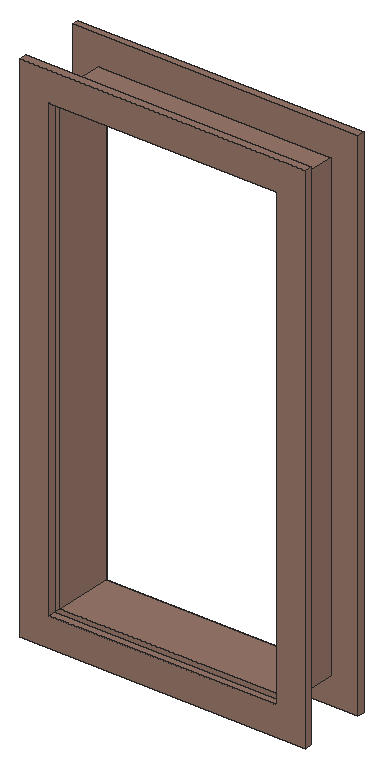
Revit family "9ad07944e25244d3a503e7e3cfd716db", category Generic Models, host Wall, Revit 2021
Family settings
  Host = Wall
  Can host rebar = No
  Round Connector Dimension = Use Diameter
  Part Type = Normal
  OmniClass Number = 23.30.20.00
  OmniClass Title = Windows
  Seek Item ID = Opening with Trim-0000-USA-ENU
  Always vertical = Yes
  Cut with Voids When Loaded = No
  Shared = No
  Room Calculation Point = No
Parameters (values of type "24" x 48"")
  Height = 4' - 0"
  Sill Height = 3' - 0"
  Trim Material = Trim
  Trim Thickness = 0' - 0 3/4"
  Trim Width = 0' - 3"
  Width = 2' - 0"
  Default Elevation = 0' - 0"
Types (10): name | Height | Sill Height | Width
  (no name) | 4' - 0" | 3' - 0" | 2' - 0"
  36" x 48" | 4' - 0" | 3' - 0" | 3' - 0"
  36" x 24" | 2' - 0" | 3' - 0" | 3' - 0"
  36" x 72" | 6' - 0" | 1' - 0" | 3' - 0"
  24" x 72" | 6' - 0" | 1' - 0" | 2' - 0"
  24" x 48" | 4' - 0" | 3' - 0" | 2' - 0"
  24" x 24" | 2' - 0" | 3' - 0" | 2' - 0"
  16" x 24" | 2' - 0" | 3' - 0" | 1' - 4"
  16" x 48" | 4' - 0" | 3' - 0" | 1' - 4"
  16" x 72" | 6' - 0" | 1' - 0" | 1' - 4"
Reference planes (in)
  plane 1: y = 0
  plane 2 "Center (Left/Right)": x = -0.32239
  plane 3 "Right": x = 11.67761
  plane 4 "Left": x = -12.32239
  plane 5 "Top": z = 84
  plane 6: y = 3.75
  plane 7: y = -3.75
  plane 8: z = 36
Forms (in)
  Sweep 1, solid, material "Trim" <- "Trim Material"
    path in 3D
      loop
        line (11.67761, 3, 84) -> (-12.32239, 3, 84) -> (-12.32239, 3, 36) -> (11.67761, 3, 36) -> (11.67761, 3, 84)
    profile origin (11.67761, 0, 60) x (0, 1, 0) y (-1, 0, 0)
      loop
        line (3, 0) -> (3, 0.75) -> (-3, 0.75) -> (-3, 0) -> (3, 0)
  Extrusion 2, solid, material "Trim" <- "Trim Material"
    sketch origin (-60, 3, 0) x (-1, 0, 0) y (0, 0, 1)
      loop
        line (-74.42761, 33.25) -> (-44.92761, 33.25) -> (-44.92761, 87) -> (-74.42761, 87) -> (-74.42761, 33.25)
      loop
        line (-47.92761, 36.25) -> (-47.92761, 83.75) -> (-71.42761, 83.75) -> (-71.42761, 36.25) -> (-47.92761, 36.25)
    from 0 to 0.75
  Extrusion 3, solid, material "Trim" <- "Trim Material"
    sketch origin (-60, -3, 0) x (1, 0, 0) y (0, 0, 1)
      loop
        line (47.92761, 83.75) -> (47.92761, 36.25) -> (71.42761, 36.25) -> (71.42761, 83.75) -> (47.92761, 83.75)
      loop
        line (44.92761, 33.25) -> (74.42761, 33.25) -> (74.42761, 86.75) -> (44.92761, 86.75) -> (44.92761, 33.25)
    from 0 to 0.75
Lines and regions (in)
  Opening 1
    outline origin (-60, -3, 0) x (1, 0, 0) y (0, 0, 1)
      loop
        line (71.67761, 84) -> (47.67761, 84) -> (47.67761, 36) -> (71.67761, 36) -> (71.67761, 84)
  symbolic lines, style "GenericModel"
    curve 1: line (-12.32239, 3, 0) -> (11.67761, 3, 0)
    curve 2: line (-12.32239, -3, 0) -> (11.67761, -3, 0)
  sketch lines
    curve 3: line (11.67761, 3, 36) -> (11.67761, 3, 84)
    curve 4: line (11.67761, 3, 84) -> (-12.32239, 3, 84)
    curve 5: line (-12.32239, 3, 84) -> (-12.32239, 3, 36)
    curve 6: line (-12.32239, 3, 36) -> (11.67761, 3, 36)
  symbolic lines
    curve 7: line (-12.32239, -3, 0) -> (-12.32239, 3, 0)
    curve 8: line (11.67761, -3, 0) -> (11.67761, 3, 0)
Text (in)
  text "Placement Side" at (0, 40.15149, 123.01588), in view "Right"
  text "Placement Side" at (-70.3804, 49.97178, 0), in view "Ref. Level"
  text "Placement Side" at (0, 59.21414, 117.1547), in view "Left"
Dimensions and locks (in)
  "Width": plane 4 "Left" to plane 3 "Right"
  equal spacing: plane 4 "Left", plane 2 "Center (Left/Right)", plane 3 "Right"
  "Trim Thickness": Sweep 1 sketch curve to plane 3 "Right"
  locked: plane 3 "Right" to Extrusion 2 sketch curve at 0.25
  "Trim Width": Extrusion 2 sketch curve to Extrusion 2 sketch curve  (x3)
  locked: plane 4 "Left" to Extrusion 2 sketch curve at 0.25
  locked: Extrusion 2 sketch curve to plane 5 "Top" at 0.25
  "Trim Width": Sweep 1 to Extrusion 2 sketch curve
  locked: Extrusion 3 sketch curve to plane 4 "Left" at 0.25
  "Trim Width": Extrusion 3 sketch curve to Extrusion 3 sketch curve  (x4)
  locked: plane 5 "Top" to Extrusion 3 sketch curve at 0.25
  locked: plane 3 "Right" to Extrusion 3 sketch curve at 0.25
  "Trim Thickness": host wall to plane 6
  "Trim Thickness": plane 7 to host wall
  "Sill Height": host wall to plane 8
  "Height": plane 8 to plane 5 "Top"
  locked: plane 8 to Extrusion 2 sketch curve at 0.25
  locked: Extrusion 3 sketch curve to plane 8 at 0.25
  aligned and locked: plane 3 "Right" to Opening 1 sketch curve
  aligned and locked: Opening 1 sketch curve to plane 5 "Top"
  aligned and locked: Opening 1 sketch curve to plane 4 "Left"
  aligned and locked: host wall to Sweep 1 sketch curve  (x2)
  aligned and locked: Extrusion 2 to plane 6
  aligned and locked: plane 7 to Extrusion 3
  aligned and locked: plane 8 to Opening 1 sketch curve
Automatic sketch dimensions
  Sweep 1 sketch curve to Sweep 1 sketch curve = 0' - 0 3/4"
  curve 7 to host wall = 0' - 0"
  curve 7 to plane 4 "Left" = 0' - 0"
  curve 2 to host wall = 0' - 0"
  curve 1 to plane 3 "Right" = 0' - 0"
